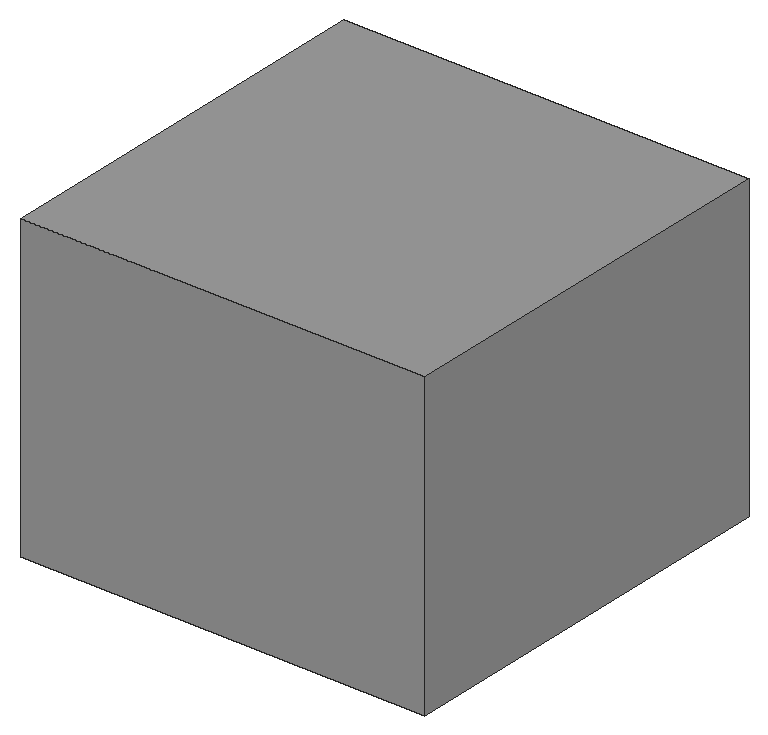
Revit family "Pull Box", category Electrical Fixtures, Revit 2021
Family settings
  Maintain Annotation Orientation = No
  Round Connector Dimension = Use Diameter
  Part Type = Normal
  OmniClass Number = 23.80.00.00
  OmniClass Title = Electric Power and Lighting
  Work Plane-Based = No
  Always vertical = Yes
  Cut with Voids When Loaded = No
  Shared = No
  Room Calculation Point = No
Parameters
  Width [instance] = 40 mm
  SubSquare [instance] = 40 mm
  Material Code [instance] = ""
  LargeSquare [instance] = 200 mm
  IsAutoCalculatePullBoxSize [instance] = ""
  Height [instance] = 30 mm
  Depth [instance] = 40 mm
  Default Elevation = 0 mm
Reference planes
  plane 1 "Center (Front/Back)": y = 0
  plane 2: z = 0
  plane 3 "Center (Left/Right)": x = 0
  plane 4: x = -20
  plane 5: x = 20
  plane 6: y = 20
  plane 7: y = -20
Forms (mm)
  Extrusion 1, solid, material "Default"
    sketch origin (0, 0, 0) x (1, 0, 0) y (0, 1, 0)
      loop
        line (-20, 20) -> (-20, -20) -> (20, -20) -> (20, 20) -> (-20, 20)
    from -15 to 15
Lines and regions (mm)
  model lines, style "Pull Box Line"
    curve 1: line (-20, 20, 0) -> (20, -20, 0)
    curve 2: line (20, 20, 0) -> (-20, -20, 0)
Dimensions and locks
  "Height": Extrusion 1 to Extrusion 1
  equal spacing: Extrusion 1, level, Extrusion 1
  equal spacing: plane 4, plane 3 "Center (Left/Right)", plane 5
  "Width": plane 4 to plane 5
  equal spacing: plane 7, plane 1 "Center (Front/Back)", plane 6
  "Depth": plane 7 to plane 6
  aligned and locked: level to plane 2
  aligned and locked: plane 5 to curve 2
  aligned and locked: plane 4 to curve 2
  aligned and locked: plane 6 to curve 2
  aligned and locked: plane 7 to curve 2
  aligned and locked: plane 6 to curve 1
  aligned and locked: plane 4 to curve 1
  aligned and locked: plane 5 to curve 1
  aligned and locked: plane 7 to curve 1
  aligned and locked: plane 6 to Extrusion 1 sketch curve
  aligned and locked: Extrusion 1 sketch curve to plane 7
  aligned and locked: Extrusion 1 sketch curve to plane 5
  aligned and locked: plane 4 to Extrusion 1 sketch curve
Connectors
  cabletrayconduit at (0, 0, 15), diameter 16
    settings: on Extrusion 1, index 1, connector width 300 mm, connector height 300 mm, connector angle 0.00°, system type 32, placement type 0, profile type 0, connector reference index -1, is primary connector yes, connector utility param no, connector description "Top"
  cabletrayconduit at (0, 20, 0), diameter 16
    settings: on Extrusion 1, index 2, connector width 300 mm, connector height 300 mm, connector angle 0.00°, system type 32, placement type 0, profile type 0, connector reference index -1, is primary connector no, connector utility param no, connector description "Back"
  cabletrayconduit at (0, -20, 0), diameter 16
    settings: on Extrusion 1, index 3, connector width 300 mm, connector height 300 mm, connector angle 0.00°, system type 32, placement type 0, profile type 0, connector reference index -1, is primary connector no, connector utility param no, connector description "Front"
  cabletrayconduit at (-20, 0, 0), diameter 16
    settings: on Extrusion 1, index 4, connector width 300 mm, connector height 300 mm, connector angle 0.00°, system type 32, placement type 0, profile type 0, connector reference index -1, is primary connector no, connector utility param no, connector description "Left"
  cabletrayconduit at (20, 0, 0), diameter 16
    settings: on Extrusion 1, index 5, connector width 300 mm, connector height 300 mm, connector angle 0.00°, system type 32, placement type 0, profile type 0, connector reference index -1, is primary connector no, connector utility param no, connector description "Right"
  cabletrayconduit at (0, 0, -15), diameter 16
    settings: on Extrusion 1, index 6, connector width 300 mm, connector height 300 mm, connector angle 0.00°, system type 32, placement type 0, profile type 0, connector reference index -1, is primary connector no, connector utility param no, connector description "Bottom"
